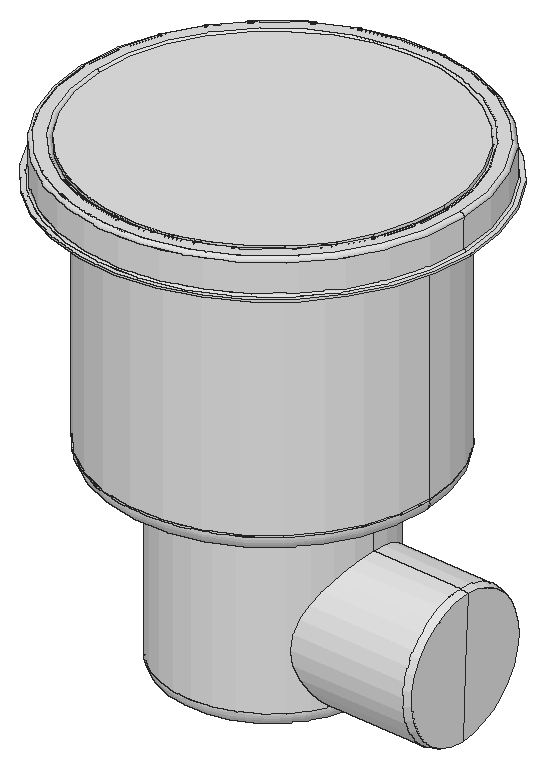
Revit family "Blucher_PlumbingFixture_HygienicPro_IndustrialDrain1", category Plumbing Fixtures, host Face, Revit 2017
Family settings
  Host = Face
  Round Connector Dimension = Use Diameter
  Part Type = Normal
  OmniClass Number = 23.70.50.21.24
  OmniClass Title = Waste Water Drains
  Cut with Voids When Loaded = No
  Shared = No
  Room Calculation Point = No
Parameters (values of type "FOR PRE-DEFINED TYPES PLEASE USE TYPE CATALOGUE")
  _BSBibleVersion = 15
  WaterTrap_562.102.000 = WT : 562.102.000
  WaterTrapProductCode [instance] = if(WaterTrapType = WaterTrap_562.102.000, "562.102.000", "n/a")  # "n/a"
  Waste Connection = yes
  W1 = 153 mm
  Vent Connection = no
  PressureDrop [instance] = 0.0 Pa
  OutletDiameter = if(DrainType = DrainType_755.503.160, 160 mm, if(DrainType = DrainType_755.513.160, 160 mm, if(DrainType = DrainType_755.573.160, 160 mm, 110 mm)))  # 110 mm
  HorizontalOutletLength = if(or(DrainType = DrainType_756.513.110, DrainType = DrainType_756.503.110, DrainType = DrainType_756.573.110), W1, HorizontalOutletHeight)  # 153 mm
  HorizontalOutletHeight = if(or(DrainType = DrainType_756.513.110, DrainType = DrainType_756.503.110, DrainType = DrainType_756.573.110), 58.3 mm, H)  # 58.3 mm
  _DistributedBy = "www.bimstore.co.uk"
  _CurrentRevision = 1
  _CreatedBy = "www.bimstore.co.uk"
  _BimSpecGuid = 0
  _Author = "Ian Holmes"
  WaterTrapType [instance] = WT : N/A
  WarrantyStartDate [instance] = "Please record on commissioning."
  WarrantyGuarantorParts = "mail@blucher.com"
  WarrantyGuarantorLabor = "n/a"
  WarrantyDurationUnit = "Years"
  WarrantyDurationParts = "n/a"
  WarrantyDurationLabor = "n/a"
  WarrantyDescription = "n/a"
  URL = "http://www.blucher.com/"
  TypeName = Type Comments  # "755.513.110"
  HW Connection = no
  H6 = 237 mm
  H1 = 323 mm
  H = 376 mm
  GratingType_790.273.000.60 = G : 790.273.000.60
  GratingType = G : 790.273.000.60
  GratingProductCode [instance] = if(GratingType = GratingType_790.273.000.60, "790.273.000.60", "n/a")  # "790.273.000.60"
  Flow_Sewer [instance] = 0.0 L/s
  Flow [instance] = 0.0 L/s
  FloorVoidOffset [instance] = 150 mm
  FilterBasket_780.004.030.05 = FB : 780.004.030.05
  FilterBasket_780.004.020.05 = FB : 780.004.020.05
  FilterBasket_780.004.010.05 = FB : 780.004.010.05
  Type Comments = "755.513.110"
  FilterBasketType = FB : N/A
  FilterBasketProductCode [instance] = if(FilterBasketType = FilterBasket_780.004.010.05, "780.004.010.05", if(FilterBasketType = FilterBasket_780.004.020.05, "780.004.020.05", if(FilterBasketType = FilterBasket_780.004.030.05, "780.004.030.05", "n/a")))  # "n/a"
  F = 305 mm
  DrainType_755.573.160 = VO : 755.573.160
  DrainType_755.513.160 = VO : 755.513.160
  DrainType_755.503.160 = VO : 755.503.160
  DrainProductCode = "790.273.000.60"
  DrainAngle [instance] = 0.00°
  DocumentationInstallationVideo = "http://www.blucher.com/com/technical/installation-video-channels-and-kitchen-channels/"
  Description = "Industrials drains for resin floors"
  SpareParts = "n/a"
  Size = "660"
  Shape = "Rectangular"
  SerialNumber [instance] = "Please record on commissioning."
  ReplacementCost = "n/a"
  ReferencedStandard = "EN1253"
  ProductionYear = "2018"
  NominalLength = F  # 305 mm
  NominalHeight = H  # 376 mm
  NominalDepth = F  # 305 mm
  NBSReference = "90-05-20/422"
  NBSOfficeMasterTag = "n/a"
  NBSObjectName = "BLÜCHER - Drainage channels with gratings"
  NBSNote = ""
  NBSDescription = "Drainage channels with gratings"
  ModelReference = Model  # "Hygienic Pro"
  ModelNumber [instance] = DrainProductCode  # "790.273.000.60"
  Model = "Hygienic Pro"
  Material = "Available in Stainless Steel AISI 304 & Stainless Steel AISI 316L"
  ManufacturerName = "BLÜCHER"
  Manufacturer = "BLÜCHER"
  DrainType = HO : 756.573.110
  Keynote = "R10"
  InstallationDate [instance] = "Please record on commissioning."
  IfcExportType = "IfcWasteTerminalTypeEnum.FLOORWASTE"
  IfcExportAs = "IfcFlowTerminal"
  HeightFromLevel = 0.1 mm  # constant formula
  Grade = "AISI 304/EN 1.4301 or AISI 316L/EN 1.4404"
  Finish = "2B - Pickled"
  Features = "n/a"
  ExpectedLife = 50
  DurationUnit = "Years"
  DocumentationTechnical = "https://www.bimstore.co/products/hygienic-pro/document/technical-data-sheet"
  DocumentationMaintenance = "https://www.bimstore.co/products/hygienic-pro/document/maintenance-information"
  DocumentationLiterature = "https://www.bimstore.co/products/hygienic-pro/document/product-literature"
  DocumentationInstallationGuide = "https://www.bimstore.co/products/hygienic-pro/document/installation-guide"
  DocumentationCertificates = "https://www.bimstore.co/products/hygienic-pro/document/product-certificates"
  Default Elevation = 0 mm
  D1 = 160 mm
  D = 110 mm
  CutoutVoidOffset [instance] = if(CutoutConcreteSlab, 0 mm, H + FloorVoidOffset + 200 mm)  # 726 mm
  CutoutThickess = 150 mm  # constant formula
  CutoutConcreteSlabHeight [instance] = H + FloorVoidOffset  # 526 mm
  CutoutConcreteSlab [instance] = no
  CreatedOn = "2018-09-19T00:00:00"
  CreatedBy = "mail@blucher.com"
  Constituents = "n/a"
  Concrete [instance] = Concrete, Sand/Cement Screed
  Color = "Stainless Steel"
  CodePerformance = "n/a"
  ClassificationValue = "Pr_65_52_24_24"
  ClassificationName = "Uniclass2015"
  CW Connection = no
  BaseVoidOffset [instance] = if(BaseConcreteSlab, 0 mm, H + FloorVoidOffset + 100 mm)  # 626 mm
  BaseConcreteSlab [instance] = no
  BarCode [instance] = "Please record on commissioning."
  BIMObjectName = "Blucher_PlumbingFixture_HygienicPro"
  AssetType = "Fixed"
  AssetIdentifier [instance] = "Please record on commissioning."
  Assembly Code = "D2030300"
  Angle2 [instance] = if(or(DrainType = DrainType_756.513.110, DrainType = DrainType_756.503.110, DrainType = DrainType_756.573.110), 2.00°, 90.00°)  # 2.00°
  AccessibilityPerformance = "n/a"
  DrainType_755.573.110 = VO : 755.573.110
  DrainType_755.503.110 = VO : 755.503.110
  DrainType_755.513.110 = VO : 755.513.110
  DrainType_756.573.110 = HO : 756.573.110
  DrainType_756.503.110 = HO : 756.503.110
  DrainType_756.513.110 = HO : 756.513.110
Reference planes
  plane 1 "Center (Front/Back)": y = 0
  plane 2: z = 0
  plane 3 "Center (Left/Right)": x = 0
  plane 4: x = -152.5
  plane 5: x = 152.5
  plane 6: y = -152.5
  plane 7: y = 152.5
  plane 8 "Top": z = 0.1
  plane 9 "Bottom": z = -375.9
  plane 10: z = 50.1
  plane 11 "HorizontalOutlet": z = -317.6
  plane 12: x = 0
  plane 13: z = -525.9
  plane 14: y = 302.5
  plane 15: y = -302.5
  plane 16: x = 302.5
  plane 17: x = -302.5
  plane 18: z = 726.1
  plane 19: z = 200.1
  plane 20: z = -575.9
  plane 21: z = 100.1
  plane 22: z = 50.1
  plane 23: z = 50.1
Forms (mm)
  Extrusion 1, void
    sketch origin (0, 0, 0) x (1, 0, 0) y (0, 1, 0)
      loop
        circle (0, 0) r 152.5
    from -525.9 to 50.1
  Extrusion 2, solid, material "Concrete, Sand/Cement Screed" <- "Concrete", visible <- "CutoutConcreteSlab"
    sketch origin (0, 0, 0) x (1, 0, 0) y (0, 1, 0)
      loop
        line (-302.5, 302.5) -> (-302.5, -302.5) -> (302.5, -302.5) -> (302.5, 302.5) -> (-302.5, 302.5)
      loop
        circle (0, 0) r 152.5
    from 200.1 to 726.1
  Extrusion 3, void
    sketch origin (0, 0, 0) x (1, 0, 0) y (0, 1, 0)
      loop
        line (-302.5, 302.5) -> (-302.5, -302.5) -> (302.5, -302.5) -> (302.5, 302.5) -> (-302.5, 302.5)
    from 200.1 to 726.1
  Extrusion 4, solid, material "Concrete, Sand/Cement Screed" <- "Concrete", visible <- "BaseConcreteSlab"
    sketch origin (0, 0, 0) x (1, 0, 0) y (0, 1, 0)
      loop
        line (-302.5, 302.5) -> (-302.5, -302.5) -> (302.5, -302.5) -> (302.5, 302.5) -> (-302.5, 302.5)
    from -575.9 to -525.9
  Extrusion 5, void
    sketch origin (0, 0, 0) x (1, 0, 0) y (0, 1, 0)
      loop
        line (-302.5, 302.5) -> (-302.5, -302.5) -> (302.5, -302.5) -> (302.5, 302.5) -> (-302.5, 302.5)
    from 50.1 to 100.1
Lines and regions (mm)
  reference lines
    curve 1: line (0, 0, -375.9) -> (590, 0, -375.9)
    curve 2: line (0, 0, -317.6) -> (705, 0, -317.6)
    curve 3: line (0, 0, -317.6) -> (152.907, 0, -322.94)
    curve 4: line (0, 0, -375.9) -> (0, 640, -375.9)
Dimensions and locks
  equal spacing: plane 6, plane 1 "Center (Front/Back)", plane 7
  "F": plane 7 to plane 6
  "F": plane 4 to plane 5
  "HeightFromLevel": plane 8 "Top" to plane 2
  "H": plane 8 "Top" to plane 9 "Bottom"
  locked: plane 10 to plane 8 "Top" at 50
  "HorizontalOutletHeight": plane 11 "HorizontalOutlet" to plane 9 "Bottom"
  "HorizontalOutletLength": curve 3 to curve 3
  equal spacing: plane 4, plane 12, plane 5
  equal spacing: plane 4, plane 3 "Center (Left/Right)", plane 5
  "FloorVoidOffset": plane 9 "Bottom" to plane 13
  "CutoutThickess": plane 14 to plane 7
  "CutoutThickess": plane 15 to plane 6
  "CutoutThickess": plane 5 to plane 16
  "CutoutThickess": plane 17 to plane 4
  "CutoutConcreteSlabHeight": plane 18 to plane 19
  locked: plane 13 to plane 20 at 50
  "CutoutVoidOffset": plane 19 to plane 13
  "BaseVoidOffset": plane 23 to plane 20
  locked: plane 21 to plane 23 at 50
  "F": diameter of Extrusion 1 sketch curve
  radius of Extrusion 2 sketch curve = 152.5 mm
  "DrainAngle": angle plane 1 "Center (Front/Back)" to curve 1
  "DrainAngle": angle plane 1 "Center (Front/Back)" to curve 2
  "Angle2": angle curve 3 to curve 2
  locked: curve 1 to curve 4 (angle 90.00°)
  aligned and locked: plane 2 to host face
  aligned and locked: level to host face
  aligned and locked: plane 1 "Center (Front/Back)" to nested 2
  aligned and locked: nested 2 to plane 3 "Center (Left/Right)"
  aligned and locked: plane 3 "Center (Left/Right)" to nested 3
  aligned and locked: plane 1 "Center (Front/Back)" to nested 3
  aligned and locked: plane 10 to Extrusion 1
  aligned and locked: plane 3 "Center (Left/Right)" to curve 1
  aligned and locked: plane 1 "Center (Front/Back)" to curve 1
  aligned and locked: plane 3 "Center (Left/Right)" to curve 2
  aligned and locked: plane 1 "Center (Front/Back)" to curve 2
  aligned and locked: curve 1 to nested 1
  aligned and locked: curve 4 to nested 1
  aligned and locked: plane 1 "Center (Front/Back)" to nested 4
  aligned and locked: plane 12 to nested 4
  aligned and locked: Extrusion 1 to plane 13
  aligned and locked: plane 1 "Center (Front/Back)" to Extrusion 1 sketch curve
  aligned and locked: plane 3 "Center (Left/Right)" to Extrusion 1 sketch curve
  aligned and locked: Extrusion 2 sketch curve to plane 16
  aligned and locked: Extrusion 2 sketch curve to plane 14
  aligned and locked: plane 15 to Extrusion 2 sketch curve
  aligned and locked: plane 17 to Extrusion 2 sketch curve
  aligned and locked: plane 18 to Extrusion 2
  aligned and locked: Extrusion 2 to plane 19
  aligned and locked: Extrusion 3 sketch curve to plane 14
  aligned and locked: Extrusion 3 sketch curve to plane 17
  aligned and locked: plane 15 to Extrusion 3 sketch curve
  aligned and locked: plane 16 to Extrusion 3 sketch curve
  aligned and locked: plane 18 to Extrusion 3
  aligned and locked: Extrusion 3 to plane 19
  aligned and locked: Extrusion 4 sketch curve to plane 14
  aligned and locked: plane 16 to Extrusion 4 sketch curve
  aligned and locked: plane 15 to Extrusion 4 sketch curve
  aligned and locked: Extrusion 4 sketch curve to plane 17
  aligned and locked: Extrusion 4 to plane 20
  aligned and locked: plane 13 to Extrusion 4
  aligned and locked: Extrusion 5 sketch curve to plane 14
  aligned and locked: plane 16 to Extrusion 5 sketch curve
  aligned and locked: plane 15 to Extrusion 5 sketch curve
  aligned and locked: Extrusion 5 sketch curve to plane 17
  aligned and locked: plane 21 to Extrusion 5
  aligned and locked: Extrusion 5 to plane 23
Automatic sketch dimensions
  host sketch curve to host sketch curve = 2438.4 mm  (x2)
  plane 1 "Center (Front/Back)" to Extrusion 2 sketch curve = 0 mm
  Extrusion 2 sketch curve to plane 3 "Center (Left/Right)" = 0 mm
  curve 3 to curve 2 = 0 mm  (x2)
Nested families
  nested 1: "HO" at (0, 0, -375.9) x (0, 1, 0) z (0, 0, 1), type <- "DrainType", type "756.573.110"
    with LowerPartMaterial Blucher_Stainless Steel
  nested 2: "WT" at (0, 0, -169.9) x (0, -1, 0) z (0, 0, 1), type <- "WaterTrapType", type "N/A"
    with WaterTrapMaterial Blucher_Stainless Steel
  nested 3: "FB" at (0, 0, -142.15), type <- "FilterBasketType", type "N/A"
    with FilterBasketMaterial Blucher_Stainless Steel
  nested 4: "G" at (0, 0, 0), type <- "GratingType", type "790.273.000.60"
    with WarrantyStartDate "Please record on commissioning.", SerialNumber "Please record on commissioning.", InstallationDate "Please record on commissioning.", BarCode "Please record on commissioning.", AssetIdentifier "Please record on commissioning."
Connectors
  piping at (152.907, 0, -322.94), diameter 110, driven by "Angle2", driven by "PressureDrop", driven by "Flow", driven by "OutletDiameter"
    settings: on curve 3, index 2, connector inside diameter 609.6 mm, connector length 0 mm, flow factor 0, pipe flow 0.0 L/s, pressure drop 0.0 Pa, fitting loss kfactor 0, connector angle 2.00°, fixture units 0, engagement length 0 mm, angle of deflection 0.00°, flow configuration 0, flow direction 2, fitting loss method 4, system type 16, joint type 0, gender type 0, connector reference index -1, connector utility 0, adjustable connector yes, is connector primary yes, connector description "Waste Outlet"
Definition of nested family "HO"
  Parameters (values of type "756.513.110")
    _DistributedBy = "www.bimstore.co.uk"
    _CurrentRevision = 1
    _CreatedBy = "www.bimstore.co.uk"
    _BimSpecGuid = 0
    _BSBibleVersion = 15
    _Author = "Ian Holmes"
    WarrantyStartDate [instance] = "Please record on commissioning."
    WarrantyGuarantorParts = "mail@blucher.com"
    WarrantyGuarantorLabor = "n/a"
    WarrantyDurationUnit = "Years"
    WarrantyDurationParts = "n/a"
    WarrantyDurationLabor = "n/a"
    WarrantyDescription = "n/a"
    W1 = 153 mm
    URL = "http://www.blucher.com/"
    TypeName = Type Comments  # "Industrial Drain Type 756.513.110"
    Type Comments = "Industrial Drain Type 756.513.110"
    SpareParts = "n/a"
    Size = "n/a"
    Shape = "Circular"
    SerialNumber [instance] = "Please record on commissioning."
    ReplacementCost = "n/a"
    ReferencedStandard = "EN 1253"
    ProductionYear = "2018"
    NominalLength = F  # 305 mm
    NominalHeight = H  # 196 mm
    NominalDepth = F  # 305 mm
    NBSReference = "90-05-20/422"
    NBSOfficeMasterTag = "n/a"
    NBSObjectName = "BLÜCHER Drainage channels with gratings"
    NBSNote = ""
    NBSDescription = "Drainage channels with gratings"
    ModelReference = Model  # "HygienicPro"
    ModelNumber = "756.513.110"
    Model = "HygienicPro"
    Material = "Available in Stainless Steel AISI 304 & Stainless Steel AISI 316L"
    ManufacturerName = Manufacturer  # "BLÜCHER"
    Manufacturer = "BLÜCHER"
    LowerPartMaterial [instance] = none
    Keynote = "R10"
    InstallationDate [instance] = "Please record on commissioning."
    IfcExportType = "IfcWasteTerminalTypeEnum.FLOORWASTE"
    IfcExportAs = "IfcFlowTerminal"
    H6 = 57 mm
    H1 = 143 mm
    H = 196 mm
    Grade = "AISI 304/EN 1.4301 or AISI 316L/EN 1.4404"
    Finish = "2B - Pickled"
    Features = "n/a"
    F = 305 mm
    ExpectedLife = 50
    DurationUnit = "Years"
    DocumentationTechnical = "http://www.blucher.com"
    DocumentationMaintenance = "http://www.blucher.com"
    DocumentationLiterature = "http://www.blucher.com"
    DocumentationInstallationGuide = "http://www.blucher.com/com/technical/installation-instructions/"
    DocumentationCertificates = "n/a"
    Description = "Industrial Drain, with outlet Ø110mm"
    Default Elevation = 1219.2 mm
    D1 = 160 mm
    D = 110 mm
    CreatedOn = "2018-12-10T00:00:00"
    CreatedBy = "mail@blucher.com"
    Constituents = "n/a"
    Color = "Stainless Steel"
    CodePerformance = "n/a"
    ClassificationValue = "Pr_65_52_24_24"
    ClassificationName = "Uniclass2015"
    BarCode [instance] = "Please record on commissioning."
    BIMObjectName = "LowerPart_755.513.110"
    AssetType = "Fixed"
    AssetIdentifier [instance] = "Please record on commissioning."
    Assembly Code = "D2030300"
    AccessibilityPerformance = "n/a"
  Types (3, lengths in mm): name | TypeName | Type Comments | NominalHeight | ModelNumber | H6 | H1 | H | BIMObjectName
    756.513.110 | "Industrial Drain Type 756.513.110" | "Industrial Drain Type 756.513.110" | 196 | "756.513.110" | 57 | 143 | 196 | "LowerPart_755.513.110"
    756.503.110 | "Industrial Drain Type 756.503.110" | "Industrial Drain Type 756.503.110" | 299 | "756.503.110" | 160 | 246 | 299 | "Blucher_PlumbingFixture_HygienicPro"
    756.573.110 | "Industrial Drain Type 756.573.110" | "Industrial Drain Type 756.573.110" | 376 | "756.573.110" | 237 | 323 | 376 | "LowerPart_755.513.110"
  Reference planes
    plane 1 "Center (Front/Back)": y = 0
    plane 2: z = 0
    plane 3 "Center (Left/Right)": x = 0
    plane 4: z = 196
    plane 5: z = 139
    plane 6: z = 53
    plane 7: y = 152.5
    plane 8: y = -152.5
    plane 9: z = 163.519
    plane 10: z = 162
    plane 11: y = 125
    plane 12: y = -125
    plane 13: y = -153
  Forms (mm)
    Extrusion 1, solid
      sketch origin (0, 0, 0) x (1, 0, 0) y (0, 1, 0)
        loop
          line (-1219.2, 1219.2) -> (-1219.2, -1219.2) -> (1219.2, -1219.2) -> (1219.2, 1219.2) -> (-1219.2, 1219.2)
      from 0 to -304.8
    Sweep 2, solid, material <- "LowerPartMaterial"
      path origin (0, 390.703, 196) x (0, 1, 0) y (-1, 0, 0)
        loop
          circle (-390.703, 0) r 152.5
      profile origin (0, 152.5, 196) x (0, -1, 0) y (0, 0, 1)
        loop
          line (0.259, -3) -> (0.259, -25)
          arc (0.259, -25) -> (-0.181, -26.061) -> (-1.241, -26.5) r 1.5
          line (-1.241, -26.5) -> (-4.762, -26.5) -> (-4.762, -28) -> (-1.241, -28)
          arc (-1.241, -28) -> (0.88, -27.121) -> (1.759, -25) r 3
          line (1.759, -25) -> (1.759, -3)
          arc (1.759, -3) -> (2.198, -1.939) -> (3.259, -1.5) r 1.5
          line (3.259, -1.5) -> (12.247, -1.5)
          arc (12.247, -1.5) -> (13.308, -1.939) -> (13.747, -3) r 1.5
          line (13.747, -3) -> (13.747, -24.516)
          arc (13.747, -24.516) -> (14.621, -26.626) -> (16.731, -27.5) r 2.984
          line (16.731, -27.5) -> (26, -27.5)
          arc (26, -27.5) -> (27.061, -27.939) -> (27.5, -29) r 1.5
          line (27.5, -29) -> (27.5, -34) -> (28.994, -34) -> (28.994, -29)
          arc (28.994, -29) -> (28.115, -26.879) -> (25.994, -26) r 3
          line (25.994, -26) -> (16.731, -26)
          arc (16.731, -26) -> (15.682, -25.565) -> (15.247, -24.516) r 1.484
          line (15.247, -24.516) -> (15.247, -3)
          arc (15.247, -3) -> (14.368, -0.879) -> (12.247, 0) r 3
          line (12.247, 0) -> (3.259, 0)
          arc (3.259, 0) -> (1.137, -0.879) -> (0.259, -3) r 3
    Sweep 3, solid, material <- "LowerPartMaterial"
      path origin (0, 381.551, 139) x (0, 1, 0) y (-1, 0, 0)
        loop
          circle (-381.551, 0) r 152.5
      profile origin (0, 152.5, 139) x (0, -1, 0) y (0, 0, 1)
        loop
          line (152.367, 24.519) -> (27.5, 24.519) -> (27.5, 23.261)
          arc (27.5, 23.261) -> (29.792, 16.208) -> (35.792, 11.849) r 12
          line (35.792, 11.849) -> (70.98, 0.415)
          arc (70.98, 0.415) -> (71.984, -0.314) -> (72.367, -1.494) r 2.008
          line (72.367, -1.494) -> (72.367, -127.5)
          arc (72.367, -127.5) -> (75.736, -135.632) -> (83.867, -139) r 11.5
          line (83.867, -139) -> (152.367, -139) -> (152.367, 24.519)
    Revolve 4, solid, material <- "LowerPartMaterial"
      sketch origin (0, 0, 0) x (0, 1, 0) y (0, 0, 1)
        loop
          line (0, 162) -> (125, 162) -> (125, 163.519) -> (0, 163.519) -> (0, 162)
        axis (0, 163.519) -> (0, 162)
      angle from 0 to 360
    Revolve 5, solid, material <- "LowerPartMaterial"
      sketch origin (0, 0, 0) x (0, -1, 0) y (0, 0, -1)
        loop
          line (47.06, -111.733) -> (149.266, -108.164) -> (154.851, -106.02) -> (153, -53) -> (45.14, -56.767) -> (47.06, -111.733)
        axis (153, -53) -> (45.14, -56.767)
      angle from 0 to 360
  Cuts and joins
    joined: Sweep 3, Revolve 5
  Dimensions and locks
    "H": plane 4 to plane 2
    "H6": plane 4 to plane 5
    "H1": plane 4 to plane 6
    equal spacing: plane 7, plane 1 "Center (Front/Back)", plane 8
    "F": plane 7 to plane 8
    locked: plane 4 to plane 10 at 34
    locked: plane 9 to plane 5 at 24.519
    locked: plane 7 to plane 11 at 27.5
    locked: plane 8 to plane 12 at 27.5
    locked: plane 1 "Center (Front/Back)" to plane 13 at 153
    "F": diameter of Sweep 2 sketch curve
    "F": diameter of Sweep 3 sketch curve
    aligned and locked: plane 2 to Extrusion 1
    aligned and locked: level to Extrusion 1
    aligned and locked: plane 1 "Center (Front/Back)" to Sweep 2 sketch curve
    aligned and locked: plane 3 "Center (Left/Right)" to Sweep 2 sketch curve
    aligned and locked: plane 1 "Center (Front/Back)" to Sweep 3 sketch curve
    aligned and locked: plane 3 "Center (Left/Right)" to Sweep 3 sketch curve
    aligned and locked: plane 1 "Center (Front/Back)" to Revolve 4 sketch curve
    aligned and locked: plane 10 to Revolve 4 sketch curve
    aligned and locked: plane 9 to Revolve 4 sketch curve
    aligned and locked: Revolve 4 sketch curve to plane 1 "Center (Front/Back)"
    aligned and locked: plane 11 to Revolve 4 sketch curve
  Automatic sketch dimensions
    Extrusion 1 sketch curve to Extrusion 1 sketch curve = 2438.4 mm  (x2)
    Sweep 2 sketch curve to Sweep 2 sketch curve = 0 mm  (x8)
    Sweep 2 sketch curve to plane 4 = 0 mm
    profile plane to Sweep 2 sketch curve = 4.762 mm
    profile plane to Sweep 2 sketch curve = 1.241 mm
    Sweep 2 sketch curve to profile plane = 0.259 mm
    Sweep 2 sketch curve to Sweep 2 sketch curve = 1.5 mm  (x4)
    Sweep 2 sketch curve to Sweep 2 sketch curve = 8.988 mm
    Sweep 2 sketch curve to Sweep 2 sketch curve = 1.484 mm
    Sweep 2 sketch curve to Sweep 2 sketch curve = 9.263 mm
    Sweep 2 sketch curve to Sweep 2 sketch curve = 0.006 mm
    Sweep 2 sketch curve to Sweep 2 sketch curve = 1.494 mm
    Sweep 2 sketch curve to Sweep 2 sketch curve = 21.516 mm
    Sweep 2 sketch curve to Sweep 2 sketch curve = 0.484 mm
    Sweep 2 sketch curve to Sweep 2 sketch curve = 5 mm
    Sweep 3 sketch curve to profile plane = 27.5 mm
    plane 5 to Sweep 3 sketch curve = 11.849 mm
    Sweep 3 sketch curve to Sweep 3 sketch curve = 8.292 mm
    Sweep 3 sketch curve to Sweep 3 sketch curve = 12 mm
    Sweep 3 sketch curve to plane 5 = 1.494 mm
    Sweep 3 sketch curve to Sweep 3 sketch curve = 34.567 mm
    plane 5 to Sweep 3 sketch curve = 0.415 mm
    Sweep 3 sketch curve to Sweep 3 sketch curve = 0.62 mm
    Sweep 3 sketch curve to Sweep 3 sketch curve = 11.5 mm
    Sweep 3 sketch curve to Sweep 3 sketch curve = 68.5 mm
    Sweep 3 sketch curve to Sweep 3 sketch curve = 126.006 mm
    Sweep 3 sketch curve to Sweep 3 sketch curve = 1.258 mm
    plane 4 to Revolve 4 sketch curve = 146 mm
    Revolve 4 sketch curve to Revolve 4 sketch curve = 40 mm
    plane 6 to Revolve 5 sketch curve = 3.767 mm
    plane 1 "Center (Front/Back)" to Revolve 5 sketch curve = 45.14 mm
    Revolve 5 sketch curve to plane 5 = 27.267 mm
    plane 1 "Center (Front/Back)" to Revolve 5 sketch curve = 47.06 mm
    Revolve 5 sketch curve to plane 6 = 0 mm
    Revolve 5 sketch curve to plane 8 = 2.351 mm
    plane 6 to Revolve 5 sketch curve = 3.608 mm
    Revolve 5 sketch curve to Revolve 5 sketch curve = 4.553 mm
    plane 6 to Revolve 5 sketch curve = 2.91 mm
    Revolve 5 sketch curve to Revolve 5 sketch curve = 19.988 mm
    plane 8 to Revolve 5 sketch curve = 3.234 mm
Definition of nested family "G"
  Parameters (values of type "790.273.000.60")
    _BSBibleVersion = 15
    Visable = yes
    NotVisable = not(Visable)  # no
    _DistributedBy = "www.bimstore.co.uk"
    _CurrentRevision = 1
    _CreatedBy = "www.bimstore.co.uk"
    _BimSpecGuid = 0
    _Author = "Ian Holmes"
    Width = ChannelWidth  # 273 mm
    WarrantyStartDate [instance] = "Please record on commissioning."
    WarrantyGuarantorParts = "mail@blucher.com"
    WarrantyGuarantorLabor = "n/a"
    WarrantyDurationUnit = "Years"
    WarrantyDurationParts = "n/a"
    WarrantyDurationLabor = "n/a"
    WarrantyDescription = "n/a"
    URL = "http://www.blucher.com/"
    TypeName = Type Comments  # "Grating_790.273.000.60"
    Type Comments = "Grating_790.273.000.60"
    SpareParts = "n/a"
    Size = "273mm"
    Shape = "Circle"
    SerialNumber [instance] = "Please record on commissioning."
    ReplacementCost = "n/a"
    ReferencedStandard = "EN1253"
    ProductionYear = "2018"
    NominalLength = Width  # 273 mm
    NominalHeight = Depth  # 24 mm
    NominalDepth = Height  # 273 mm
    NBSReference = "90-05-20/422"
    NBSOfficeMasterTag = "n/a"
    NBSObjectName = "BLÜCHER Drainage channels with gratings"
    NBSNote = ""
    NBSDescription = "Drainage channels with gratings"
    ModelReference = Model  # "BLÜCHER Grating"
    ModelNumber = Type Comments  # "Grating_790.273.000.60"
    Model = "BLÜCHER Grating"
    Material = "Available in Stainless Steel AISI 304 & Stainless Steel AISI 316L"
    ManufacturerName = "BLÜCHER"
    Manufacturer = "BLÜCHER"
    Keynote = "R10"
    InstallationDate [instance] = "Please record on commissioning."
    IfcExportType = "IfcWasteTerminalTypeEnum.FLOORWASTE"
    IfcExportAs = "IfcFlowTerminal"
    Height = ChannelHeight  # 273 mm
    GratingMaterial = none
    Grade = "AISI 304/EN 1.4301 or AISI 316L/EN 1.4404"
    Finish = "2B - Pickled"
    Features = "n/a"
    ExpectedLife = 50
    DurationUnit = "Years"
    DocumentationTechnical = "http://www.blucher.com"
    DocumentationMaintenance = "http://www.blucher.com"
    DocumentationLiterature = "http://www.blucher.com"
    DocumentationInstallationGuide = "http://www.blucher.com/com/technical/installation-instructions/"
    DocumentationCertificates = "n/a"
    Description = "Grating 293x293mm"
    Depth = 24 mm  # constant formula
    Default Elevation = 1219.2 mm
    ChannelWidth = 273 mm  # constant formula
    ChannelHeight = 273 mm  # constant formula
    CreatedOn = "2018-12-10T00:00:00"
    CreatedBy = "mail@blucher.com"
    Constituents = "n/a"
    Color = "Stainless Steel"
    CodePerformance = "n/a"
    ClassificationValue = "Pr_65_52_24_24"
    ClassificationName = "Uniclass2015"
    BarCode [instance] = "Please record on commissioning."
    BIMObjectName = "Blucher_PlumbingFixture_HygienicPro"
    AssetType = "Fixed"
    AssetIdentifier [instance] = "Please record on commissioning."
    Assembly Code = "D2030300"
    AccessibilityPerformance = "n/a"
  Types (2, lengths in mm): name | Visable | NotVisable | _DistributedBy | _CurrentRevision | _CreatedBy | _Author | WarrantyStartDate | WarrantyGuarantorParts | WarrantyDurationUnit | URL | TypeName | Type Comments | Size | Shape | SerialNumber | ReferencedStandard | ProductionYear | NBSReference | NBSObjectName | NBSDescription | ModelReference | ModelNumber | Model | Material | ManufacturerName | Manufacturer | Keynote | InstallationDate | IfcExportType | IfcExportAs | Grade | Finish | ExpectedLife | DurationUnit | DocumentationTechnical | DocumentationMaintenance | DocumentationLiterature | DocumentationInstallationGuide | Description | CreatedOn | CreatedBy | Color | ClassificationValue | ClassificationName | BarCode | BIMObjectName | AssetType | AssetIdentifier | Assembly Code
    N/A | no | yes | "n/a" | 0 | "n/a" | "n/a" | "n/a" | "n/a" | "n/a" | "n/a" | "n/a" | "n/a" | "n/a" | "n/a" | "n/a" | "n/a" | "n/a" | "n/a" | "n/a" | "n/a" | "n/a" | "n/a" | "n/a" | "n/a" | "n/a" | "n/a" | "n/a" | "n/a" | "n/a" | "n/a" | "n/a" | "n/a" | 0 | "n/a" | "n/a" | "n/a" | "n/a" | "n/a" | "n/a" | "n/a" | "n/a" | "n/a" | "n/a" | "n/a" | "n/a" | "n/a" | "n/a" | "n/a" | "n/a"
    790.273.000.60 | yes | no | "www.bimstore.co.uk" | 1 | "www.bimstore.co.uk" | "Ian Holmes" | "Please record on commissioning." | "mail@blucher.com" | "Years" | "http://www.blucher.com/" | "Grating_790.273.000.60" | "Grating_790.273.000.60" | "273mm" | "Circle" | "Please record on commissioning." | "EN1253" | "2018" | "90-05-20/422" | "BLÜCHER Drainage channels with gratings" | "Drainage channels with gratings" | "BLÜCHER Grating" | "Grating_790.273.000.60" | "BLÜCHER Grating" | "Available in Stainless Steel AISI 304 & Stainless Steel AISI 316L" | "BLÜCHER" | "BLÜCHER" | "R10" | "Please record on commissioning." | "IfcWasteTerminalTypeEnum.FLOORWASTE" | "IfcFlowTerminal" | "AISI 304/EN 1.4301 or AISI 316L/EN 1.4404" | "2B - Pickled" | 50 | "Years" | "http://www.blucher.com" | "http://www.blucher.com" | "http://www.blucher.com" | "http://www.blucher.com/com/technical/installation-instructions/" | "Grating 293x293mm" | "2018-12-10T00:00:00" | "mail@blucher.com" | "Stainless Steel" | "Pr_65_52_24_24" | "Uniclass2015" | "Please record on commissioning." | "Blucher_PlumbingFixture_HygienicPro" | "Fixed" | "Please record on commissioning." | "D2030300"
  Reference planes
    plane 1 "Center (Front/Back)": y = 0
    plane 2: z = 0
    plane 3 "Center (Left/Right)": x = 0
    plane 4: z = -25
    plane 5: z = 0
    plane 6: z = -10
    plane 7: y = 136.5
    plane 8: y = -136.5
    plane 9: x = 136.5
    plane 10: x = -136.5
    plane 11: z = -1
    plane 12: z = 44
  Forms (mm)
    Extrusion 1, solid
      sketch origin (0, 0, 0) x (1, 0, 0) y (0, 1, 0)
        loop
          line (-1219.2, 1219.2) -> (-1219.2, -1219.2) -> (1219.2, -1219.2) -> (1219.2, 1219.2) -> (-1219.2, 1219.2)
      from 0 to -304.8
    Extrusion 2, solid, material <- "GratingMaterial", visible <- "Visable"
      sketch origin (0, 0, 0) x (1, 0, 0) y (0, 1, 0)
        loop
          circle (0, 0) r 136.5
      from 0 to -25
  Lines and regions (mm)
    model lines, visible <- "Visable"
      curve 1: line (5, 136.408, 0) -> (5, 92.924, 0)
      curve 2: line (8.071, 5, 0) -> (98.043, 94.972, 0)
      curve 3: line (5, 8.071, 0) -> (94.972, 98.043, 0)
      curve 4: line (5, 44.355, 0) -> (74.815, 114.171, 0)
      curve 5: line (5, 50.497, 0) -> (71.052, 116.55, 0)
      curve 6: line (5, 86.782, 0) -> (46.539, 128.321, 0)
      curve 7: line (5, 92.924, 0) -> (41.965, 129.889, 0)
      curve 8: line (5, 86.782, 0) -> (5, 50.497, 0)
      curve 9: line (5, 44.355, 0) -> (5, 8.071, 0)
      curve 10: line (44.355, 5, 0) -> (114.171, 74.815, 0)
      curve 11: line (50.497, 5, 0) -> (116.55, 71.052, 0)
      curve 12: line (86.782, 5, 0) -> (128.321, 46.539, 0)
      curve 13: line (92.924, 5, 0) -> (129.889, 41.965, 0)
      curve 14: line (136.408, 5, 0) -> (92.924, 5, 0)
      curve 15: line (86.782, 5, 0) -> (50.497, 5, 0)
      curve 16: line (44.355, 5, 0) -> (8.071, 5, 0)
      curve 17: line (-5, 136.408, 0) -> (-5, 92.924, 0)
      curve 18: line (-8.071, 5, 0) -> (-98.043, 94.972, 0)
      curve 19: line (-5, 8.071, 0) -> (-94.972, 98.043, 0)
      curve 20: line (-5, 44.355, 0) -> (-74.815, 114.171, 0)
      curve 21: line (-5, 50.497, 0) -> (-71.052, 116.55, 0)
      curve 22: line (-5, 86.782, 0) -> (-46.539, 128.321, 0)
      curve 23: line (-5, 92.924, 0) -> (-41.965, 129.889, 0)
      curve 24: line (-5, 86.782, 0) -> (-5, 50.497, 0)
      curve 25: line (-5, 44.355, 0) -> (-5, 8.071, 0)
      curve 26: line (-44.355, 5, 0) -> (-114.171, 74.815, 0)
      curve 27: line (-50.497, 5, 0) -> (-116.55, 71.052, 0)
      curve 28: line (-86.782, 5, 0) -> (-128.321, 46.539, 0)
      curve 29: line (-92.924, 5, 0) -> (-129.889, 41.965, 0)
      curve 30: line (-136.5, 5, 0) -> (-92.924, 5, 0)
      curve 31: line (-86.782, 5, 0) -> (-50.497, 5, 0)
      curve 32: line (-44.355, 5, 0) -> (-8.071, 5, 0)
      curve 33: line (5, -136.408, 0) -> (5, -92.924, 0)
      curve 34: line (8.071, -5, 0) -> (98.043, -94.972, 0)
      curve 35: line (5, -8.071, 0) -> (94.972, -98.043, 0)
      curve 36: line (5, -44.355, 0) -> (74.815, -114.171, 0)
      curve 37: line (5, -50.497, 0) -> (71.052, -116.55, 0)
      curve 38: line (5, -86.782, 0) -> (46.539, -128.321, 0)
      curve 39: line (5, -92.924, 0) -> (41.965, -129.889, 0)
      curve 40: line (5, -86.782, 0) -> (5, -50.497, 0)
      curve 41: line (5, -44.355, 0) -> (5, -8.071, 0)
      curve 42: line (44.355, -5, 0) -> (114.171, -74.815, 0)
      curve 43: line (50.497, -5, 0) -> (116.55, -71.052, 0)
      curve 44: line (86.782, -5, 0) -> (128.321, -46.539, 0)
      curve 45: line (92.924, -5, 0) -> (129.889, -41.965, 0)
      curve 46: line (136.408, -5, 0) -> (92.924, -5, 0)
      curve 47: line (86.782, -5, 0) -> (50.497, -5, 0)
      curve 48: line (44.355, -5, 0) -> (8.071, -5, 0)
      curve 49: line (-5, -136.408, 0) -> (-5, -92.924, 0)
      curve 50: line (-8.071, -5, 0) -> (-98.043, -94.972, 0)
      curve 51: line (-5, -8.071, 0) -> (-94.972, -98.043, 0)
      curve 52: line (-5, -44.355, 0) -> (-74.815, -114.171, 0)
      curve 53: line (-5, -50.497, 0) -> (-71.052, -116.55, 0)
      curve 54: line (-5, -86.782, 0) -> (-46.539, -128.321, 0)
      curve 55: line (-5, -92.924, 0) -> (-41.965, -129.889, 0)
      curve 56: line (-5, -86.782, 0) -> (-5, -50.497, 0)
      curve 57: line (-5, -44.355, 0) -> (-5, -8.071, 0)
      curve 58: line (-44.355, -5, 0) -> (-114.171, -74.815, 0)
      curve 59: line (-50.497, -5, 0) -> (-116.55, -71.052, 0)
      curve 60: line (-82.782, -5, 0) -> (-127.229, -49.447, 0)
      curve 61: line (-92.924, -5, 0) -> (-129.889, -41.965, 0)
      curve 62: line (-136.5, -5, 0) -> (-92.924, -5, 0)
      curve 63: line (-82.782, -5, 0) -> (-50.497, -5, 0)
      curve 64: line (-44.355, -5, 0) -> (-8.071, -5, 0)
  Dimensions and locks
    equal spacing: plane 8, plane 1 "Center (Front/Back)", plane 7
    "Height": plane 7 to plane 8
    equal spacing: plane 10, plane 3 "Center (Left/Right)", plane 9
    "Width": plane 10 to plane 9
    "Depth": plane 11 to plane 4
    plane 12 to plane 11 = 45 mm
    "ChannelWidth": diameter of Extrusion 2 sketch curve
    aligned and locked: plane 2 to Extrusion 1
    aligned and locked: level to Extrusion 1
    aligned and locked: plane 1 "Center (Front/Back)" to Extrusion 2 sketch curve
    aligned and locked: plane 3 "Center (Left/Right)" to Extrusion 2 sketch curve
  Automatic sketch dimensions
    Extrusion 1 sketch curve to Extrusion 1 sketch curve = 2438.4 mm  (x2)
    curve 62 to plane 10 = 0 mm
    curve 30 to plane 10 = 0 mm
    curve 33 to plane 8 = 0.092 mm
    curve 29 to plane 10 = 6.611 mm
    curve 61 to plane 10 = 6.611 mm
    curve 29 to curve 28 = 1.568 mm
    curve 61 to curve 60 = 2.66 mm
    curve 27 to plane 10 = 19.95 mm
    curve 59 to plane 10 = 19.95 mm
    curve 59 to curve 58 = 2.379 mm
    curve 27 to curve 26 = 2.379 mm
    curve 58 to curve 50 = 16.127 mm
    curve 26 to curve 18 = 16.127 mm
    curve 50 to curve 51 = 3.071 mm
    curve 18 to curve 19 = 3.071 mm  (x2)
    plane 1 "Center (Front/Back)" to curve 62 = 5 mm
    curve 62 to plane 10 = 43.576 mm
    curve 29 to plane 1 "Center (Front/Back)" = 5 mm
    curve 29 to curve 62 = 0 mm
    curve 30 to curve 31 = 6.142 mm
    curve 28 to plane 1 "Center (Front/Back)" = 5 mm
    plane 1 "Center (Front/Back)" to curve 63 = 5 mm
    curve 62 to curve 63 = 10.142 mm
    curve 52 to plane 8 = 22.329 mm
    curve 51 to curve 52 = 20.157 mm
    curve 20 to plane 7 = 22.329 mm
    curve 19 to curve 20 = 20.157 mm
    curve 53 to plane 8 = 19.95 mm
    curve 52 to curve 53 = 3.763 mm
    curve 21 to plane 7 = 19.95 mm
    curve 20 to curve 21 = 3.763 mm
    curve 60 to curve 31 = 32.284 mm
    curve 63 to curve 31 = 0 mm
    curve 22 to plane 7 = 8.179 mm
    curve 21 to curve 22 = 24.513 mm
    curve 54 to plane 8 = 8.179 mm
    curve 53 to curve 54 = 24.513 mm
    curve 63 to curve 64 = 6.142 mm
    plane 1 "Center (Front/Back)" to curve 58 = 5 mm
    curve 31 to curve 26 = 6.142 mm
    curve 23 to plane 7 = 6.611 mm
    curve 22 to curve 23 = 4.574 mm
    curve 55 to plane 8 = 6.611 mm
    curve 54 to curve 55 = 4.574 mm
    curve 50 to plane 3 "Center (Left/Right)" = 8.071 mm
    curve 18 to plane 3 "Center (Left/Right)" = 8.071 mm
    curve 21 to plane 3 "Center (Left/Right)" = 5 mm
    curve 23 to plane 3 "Center (Left/Right)" = 5 mm
    curve 20 to plane 3 "Center (Left/Right)" = 5 mm
    curve 55 to plane 3 "Center (Left/Right)" = 5 mm
    curve 56 to plane 3 "Center (Left/Right)" = 5 mm
    curve 57 to plane 3 "Center (Left/Right)" = 5 mm
    plane 3 "Center (Left/Right)" to curve 33 = 5 mm
    plane 3 "Center (Left/Right)" to curve 9 = 5 mm
    plane 3 "Center (Left/Right)" to curve 8 = 5 mm
    plane 3 "Center (Left/Right)" to curve 35 = 5 mm
    plane 3 "Center (Left/Right)" to curve 7 = 5 mm
    plane 3 "Center (Left/Right)" to curve 37 = 5 mm
    curve 3 to curve 2 = 3.071 mm  (x2)
    curve 35 to curve 34 = 3.071 mm  (x3)
    curve 7 to plane 7 = 6.611 mm
    curve 1 to curve 7 = 36.965 mm
    curve 39 to plane 8 = 6.611 mm
    curve 33 to curve 39 = 36.965 mm
    plane 1 "Center (Front/Back)" to curve 42 = 5 mm
    curve 34 to curve 42 = 36.284 mm
    curve 16 to curve 42 = 0 mm
    curve 10 to plane 1 "Center (Front/Back)" = 5 mm
    curve 38 to plane 8 = 8.179 mm
    curve 39 to curve 38 = 4.574 mm
    curve 6 to plane 7 = 8.179 mm
    curve 7 to curve 6 = 4.574 mm
    curve 10 to curve 15 = 6.142 mm
    curve 42 to curve 47 = 6.142 mm
    curve 5 to plane 7 = 19.95 mm
    curve 6 to curve 5 = 24.513 mm
    curve 37 to plane 8 = 19.95 mm
    curve 38 to curve 37 = 24.513 mm
    curve 4 to plane 7 = 22.329 mm
    curve 5 to curve 4 = 3.763 mm
    curve 36 to plane 8 = 22.329 mm
    curve 37 to curve 36 = 3.763 mm
    plane 1 "Center (Front/Back)" to curve 47 = 5 mm
    curve 43 to curve 47 = 36.284 mm
    curve 12 to plane 1 "Center (Front/Back)" = 5 mm
    curve 12 to curve 44 = 0 mm
    plane 1 "Center (Front/Back)" to curve 45 = 5 mm
    curve 44 to curve 45 = 6.142 mm
    curve 13 to plane 1 "Center (Front/Back)" = 5 mm
    curve 15 to curve 13 = 6.142 mm
    curve 36 to curve 35 = 20.157 mm
    curve 4 to curve 3 = 20.157 mm
    curve 42 to plane 9 = 22.329 mm
    curve 10 to plane 9 = 22.329 mm
    curve 10 to curve 11 = 2.379 mm
    curve 42 to curve 43 = 2.379 mm
    curve 44 to plane 9 = 8.179 mm
    curve 12 to plane 9 = 8.179 mm
    curve 44 to curve 45 = 1.568 mm
    curve 12 to curve 13 = 1.568 mm
    curve 46 to plane 9 = 0.092 mm
    curve 14 to plane 9 = 0.092 mm
    curve 49 to plane 8 = 0.092 mm
    curve 52 to curve 51 = 16.127 mm
    curve 36 to curve 35 = 16.127 mm
    curve 51 to curve 50 = 3.071 mm  (x2)
    curve 33 to curve 39 = 43.485 mm
    curve 55 to curve 39 = 0 mm
    curve 39 to curve 38 = 6.142 mm
    curve 55 to curve 54 = 6.142 mm
    curve 50 to curve 58 = 20.157 mm
    curve 34 to curve 42 = 20.157 mm
    curve 58 to curve 59 = 3.763 mm
    curve 42 to curve 43 = 3.763 mm
    curve 54 to curve 56 = 36.284 mm
    curve 53 to curve 37 = 0 mm
    curve 59 to curve 60 = 21.605 mm
    curve 43 to curve 44 = 24.513 mm
    curve 53 to curve 57 = 6.142 mm
    curve 37 to curve 41 = 6.142 mm
    curve 44 to curve 45 = 4.574 mm
    curve 60 to curve 61 = 7.482 mm
    plane 1 "Center (Front/Back)" to curve 35 = 8.071 mm
    curve 32 to plane 1 "Center (Front/Back)" = 5 mm
    curve 2 to curve 3 = 3.071 mm  (x2)
    curve 32 to curve 25 = 3.071 mm
    curve 30 to curve 29 = 36.965 mm
    curve 14 to curve 13 = 36.965 mm
    curve 25 to curve 20 = 36.284 mm
    curve 20 to curve 9 = 0 mm
    curve 29 to curve 28 = 4.574 mm
    curve 13 to curve 12 = 4.574 mm
    curve 20 to curve 21 = 6.142 mm
    curve 4 to curve 8 = 6.142 mm
    curve 28 to curve 27 = 24.513 mm
    curve 12 to curve 11 = 24.513 mm
    curve 27 to curve 26 = 3.763 mm
    curve 11 to curve 10 = 3.763 mm
    curve 21 to curve 24 = 36.284 mm
    curve 24 to curve 6 = 0 mm
    curve 22 to curve 17 = 6.142 mm
    curve 6 to curve 7 = 6.142 mm
    curve 10 to curve 2 = 20.157 mm
    curve 26 to curve 18 = 20.157 mm
    curve 1 to plane 7 = 0.092 mm
    curve 17 to plane 7 = 0.092 mm
Definition of nested family "WT"
  Parameters (values of type "502.050.110 - 110")
    _DistributedBy = "www.bimstore.co.uk"
    _CurrentRevision = 1
    _CreatedBy = "www.bimstore.co.uk"
    _BimstoreBibleVersion = "v14"
    _BimSpecGuid = 0
    _Author = "Ian Holmes"
    WaterTrapMaterial [instance] = none
    WarrantyStartDate [instance] = "Please record on commissioning."
    WarrantyGuarantorParts = "mail@blucher.com"
    WarrantyGuarantorLabor = "n/a"
    WarrantyDurationUnit = "Years"
    WarrantyDurationParts = "n/a"
    WarrantyDurationLabor = "n/a"
    WarrantyDescription = "n/a"
    URL = "http://www.blucher.com/"
    TypeName = Type Comments  # "Water Traps - 502.050.110"
    Type Comments = "Water Traps - 502.050.110"
    SpareParts = "n/a"
    Size = "n/a"
    Shape = "Circular"
    SerialNumber [instance] = "Please record on commissioning."
    ReplacementCost = "n/a"
    ReferencedStandard = "EN1253"
    ProductionYear = "2016"
    NominalLength = 0 mm
    NominalHeight = 0 mm
    NominalDepth = 0 mm
    NBSReference = "90-05-20/422"
    NBSOfficeMasterTag = "n/a"
    NBSObjectName = "BLÜCHER Drainage channels with gratings"
    NBSNote = ""
    NBSDescription = "Drainage channels with gratings"
    ModelReference = "BLÜCHER Water Traps"
    ModelNumber = "502.050.110"
    Model = "BLÜCHER Water Traps"
    Material = "Available in Stainless Steel AISI 304 & Stainless Steel AISI 316L"
    ManufacturerName = Manufacturer  # "BLÜCHER"
    Manufacturer = "BLÜCHER"
    Keynote = "R10"
    InstallationDate [instance] = "Please record on commissioning."
    IfcExportType = "IfcWasteTerminalTypeEnum.FLOORWASTE"
    IfcExportAs = "IfcFlowTerminal"
    Grade = "AISI 304/EN 1.4301 or AISI 316L/EN 1.4404"
    Finish = "2B - Pickled"
    Features = "n/a"
    ExpectedLife = 50
    DurationUnit = "Years"
    DocumentationTechnical = "http://www.blucher.com/fileadmin/user_upload/.com/Product_catalogs/CUChannelStandardCatalogue.pdf"
    DocumentationMaintenance = "http://www.blucher.com/com/technical/maintenance/"
    DocumentationLiterature = "http://www.blucher.com/fileadmin/user_upload/.com/Product_catalogs/CUChannelStandardCatalogue.pdf"
    DocumentationInstallationGuide = "http://www.blucher.com/com/technical/installation-instructions/"
    DocumentationCertificates = "n/a"
    Description = "REMOVABLE TWO-PART TRAP"
    Default Elevation = 1219.2 mm
    CreatedOn = "2016-11-07-T00:00:00"
    CreatedBy = "mail@blucher.com"
    Constituents = "n/a"
    Color = "Stainless Steel"
    CodePerformance = "n/a"
    ClassificationValue = "Pr_65_52_24_24"
    ClassificationName = "Uniclass2015"
    BarCode [instance] = "Please record on commissioning."
    BIMObjectName = "WaterTraps_502.050.110"
    AssetType = "Fixed"
    AssetIdentifier [instance] = "Please record on commissioning."
    Assembly Code = "D2030300"
    AccessibilityPerformance = "n/a"
  Types (4, lengths in mm): name | _DistributedBy | _CurrentRevision | _CreatedBy | _BimstoreBibleVersion | _Author | WarrantyStartDate | WarrantyGuarantorParts | WarrantyDurationUnit | URL | TypeName | Type Comments | Shape | SerialNumber | ReferencedStandard | ProductionYear | NBSReference | NBSObjectName | NBSDescription | ModelReference | ModelNumber | Model | Material | ManufacturerName | Manufacturer | Keynote | InstallationDate | IfcExportType | IfcExportAs | Grade | Finish | DurationUnit | DocumentationTechnical | DocumentationMaintenance | DocumentationLiterature | DocumentationInstallationGuide | Description | CreatedOn | CreatedBy | Color | ClassificationValue | ClassificationName | BarCode | BIMObjectName | AssetType | AssetIdentifier | Assembly Code
    502.050.110 - 110 | "www.bimstore.co.uk" | 1 | "www.bimstore.co.uk" | "v14" | "Ian Holmes" | "Please record on commissioning." | "mail@blucher.com" | "Years" | "http://www.blucher.com/" | "Water Traps - 502.050.110" | "Water Traps - 502.050.110" | "Circular" | "Please record on commissioning." | "EN1253" | "2016" | "90-05-20/422" | "BLÜCHER Drainage channels with gratings" | "Drainage channels with gratings" | "BLÜCHER Water Traps" | "502.050.110" | "BLÜCHER Water Traps" | "Available in Stainless Steel AISI 304 & Stainless Steel AISI 316L" | "BLÜCHER" | "BLÜCHER" | "R10" | "Please record on commissioning." | "IfcWasteTerminalTypeEnum.FLOORWASTE" | "IfcFlowTerminal" | "AISI 304/EN 1.4301 or AISI 316L/EN 1.4404" | "2B - Pickled" | "Years" | "http://www.blucher.com/fileadmin/user_upload/.com/Product_catalogs/CUChannelStandardCatalogue.pdf" | "http://www.blucher.com/com/technical/maintenance/" | "http://www.blucher.com/fileadmin/user_upload/.com/Product_catalogs/CUChannelStandardCatalogue.pdf" | "http://www.blucher.com/com/technical/installation-instructions/" | "REMOVABLE TWO-PART TRAP" | "2016-11-07-T00:00:00" | "mail@blucher.com" | "Stainless Steel" | "Pr_65_52_24_24" | "Uniclass2015" | "Please record on commissioning." | "WaterTraps_502.050.110" | "Fixed" | "Please record on commissioning." | "D2030300"
    562.002.000 - 160 | "www.bimstore.co.uk" | 1 | "www.bimstore.co.uk" | "v14" | "Ian Holmes" | "Please record on commissioning." | "mail@blucher.com" | "Years" | "http://www.blucher.com/" | "Water Traps - 562.002.000" | "Water Traps - 562.002.000" | "Circular" | "Please record on commissioning." | "EN1253" | "2016" | "90-05-20/422" | "BLÜCHER Drainage channels with gratings" | "Drainage channels with gratings" | "BLÜCHER Water Traps" | "562.002.000" | "BLÜCHER Water Traps" | "Available in Stainless Steel AISI 304 & Stainless Steel AISI 316L" | "BLÜCHER" | "BLÜCHER" | "R10" | "Please record on commissioning." | "IfcWasteTerminalTypeEnum.FLOORWASTE" | "IfcFlowTerminal" | "AISI 304/EN 1.4301 or AISI 316L/EN 1.4404" | "2B - Pickled" | "Years" | "http://www.blucher.com/fileadmin/user_upload/.com/Product_catalogs/CUChannelStandardCatalogue.pdf" | "http://www.blucher.com/com/technical/maintenance/" | "http://www.blucher.com/fileadmin/user_upload/.com/Product_catalogs/CUChannelStandardCatalogue.pdf" | "http://www.blucher.com/com/technical/installation-instructions/" | "REMOVABLE TRAP" | "2016-11-07-T00:00:00" | "mail@blucher.com" | "Stainless Steel" | "Pr_65_52_24_24" | "Uniclass2015" | "Please record on commissioning." | "Blucher_PlumbingFixture_WaterTraps" | "Fixed" | "Please record on commissioning." | "D2030300"
    562.102.000 - 160 | "www.bimstore.co.uk" | 1 | "www.bimstore.co.uk" | "v14" | "Ian Holmes" | "Please record on commissioning." | "mail@blucher.com" | "Years" | "http://www.blucher.com/" | "Water Traps - 562.102.000" | "Water Traps - 562.102.000" | "Circular" | "Please record on commissioning." | "EN1253" | "2016" | "90-05-20/422" | "BLÜCHER Drainage channels with gratings" | "Drainage channels with gratings" | "BLÜCHER Water Traps" | "562.102.000" | "BLÜCHER Water Traps" | "Available in Stainless Steel AISI 304 & Stainless Steel AISI 316L" | "BLÜCHER" | "BLÜCHER" | "R10" | "Please record on commissioning." | "IfcWasteTerminalTypeEnum.FLOORWASTE" | "IfcFlowTerminal" | "AISI 304/EN 1.4301 or AISI 316L/EN 1.4404" | "2B - Pickled" | "Years" | "http://www.blucher.com/fileadmin/user_upload/.com/Product_catalogs/CUChannelStandardCatalogue.pdf" | "http://www.blucher.com/com/technical/maintenance/" | "http://www.blucher.com/fileadmin/user_upload/.com/Product_catalogs/CUChannelStandardCatalogue.pdf" | "http://www.blucher.com/com/technical/installation-instructions/" | "REMOVABLE TWO-PART TRAP" | "2016-11-07-T00:00:00" | "mail@blucher.com" | "Stainless Steel" | "Pr_65_52_24_24" | "Uniclass2015" | "Please record on commissioning." | "Blucher_PlumbingFixture_WaterTraps" | "Fixed" | "Please record on commissioning." | "D2030300"
    N/A | "n/a" | 0 | "n/a" | "n/a" | "n/a" | "n/a" | "n/a" | "n/a" | "n/a" | "n/a" | "n/a" | "n/a" | "n/a" | "n/a" | "n/a" | "n/a" | "n/a" | "n/a" | "n/a" | "n/a" | "n/a" | "n/a" | "n/a" | "n/a" | "n/a" | "n/a" | "n/a" | "n/a" | "n/a" | "n/a" | "n/a" | "n/a" | "n/a" | "n/a" | "n/a" | "n/a" | "n/a" | "n/a" | "n/a" | "n/a" | "n/a" | "n/a" | "n/a" | "n/a" | "n/a" | "n/a"
  Reference planes
    plane 1 "Center (Front/Back)": y = 0
    plane 2: z = 0
    plane 3 "Center (Left/Right)": x = 0
    plane 4: y = 42.5
    plane 5: y = -42.5
    plane 6: y = 41.5
    plane 7: y = -41.5
    plane 8: x = 42.5
    plane 9: x = -42.5
    plane 10: x = 41.5
    plane 11: x = -41.5
    plane 12: y = 10
    plane 13: y = -10
    plane 14: x = 10
    plane 15: x = -10
    plane 16: z = -89
    plane 17: z = -69.001
    plane 18: z = -23
    plane 19: z = -88
    plane 20: z = -7
  Forms (mm)
    Extrusion 1, solid
      sketch origin (0, 0, 0) x (1, 0, 0) y (0, 1, 0)
        loop
          line (-1219.2, 1219.2) -> (-1219.2, -1219.2) -> (1219.2, -1219.2) -> (1219.2, 1219.2) -> (-1219.2, 1219.2)
      from 0 to -304.8
  Dimensions and locks
    locked: plane 4 to plane 6 at 1
    locked: plane 5 to plane 7 at 1
    locked: plane 11 to plane 9 at 1
    locked: plane 10 to plane 8 at 1
    locked: plane 3 "Center (Left/Right)" to plane 8 at 42.5
    locked: plane 14 to plane 15 at 20
    locked: plane 14 to plane 3 "Center (Left/Right)" at 10
    locked: plane 3 "Center (Left/Right)" to plane 9 at 42.5
    locked: plane 12 to plane 13 at 20
    locked: plane 1 "Center (Front/Back)" to plane 13 at 10
    locked: plane 1 "Center (Front/Back)" to plane 5 at 42.5
    locked: plane 4 to plane 1 "Center (Front/Back)" at 42.5
    locked: plane 17 to plane 16 at 19.998
    locked: plane 18 to plane 16 at 66
    locked: plane 19 to plane 16 at 1
    locked: plane 2 to plane 18 at 23
    locked: plane 2 to plane 20 at 7
    aligned and locked: plane 2 to Extrusion 1
    aligned and locked: level to Extrusion 1
Definition of nested family "FB"
  Parameters (values of type "780.004.030.05")
    _DistributedBy = "www.bimstore.co.uk"
    _CurrentRevision = 1
    _CreatedBy = "www.bimstore.co.uk"
    _BimSpecGuid = 0
    _BSBibleVersion = 15
    _Author = "Ian Holmes"
    WarrantyStartDate [instance] = "Please record on commissioning."
    WarrantyGuarantorParts = "mail@blucher.com"
    WarrantyGuarantorLabor = "n/a"
    WarrantyDurationUnit = "Years"
    WarrantyDurationParts = "n/a"
    WarrantyDurationLabor = "n/a"
    WarrantyDescription = "n/a"
    URL = "http://www.blucher.com/"
    TypeName = Type Comments  # "Filter Baskets - 780.004.030.05"
    Type Comments = "Filter Baskets - 780.004.030.05"
    SpareParts = "n/a"
    Size = "n/a"
    Shape = "Circular"
    SerialNumber [instance] = "Please record on commissioning."
    ReplacementCost = "n/a"
    ReferencedStandard = "EN1253"
    ProductionYear = "2018"
    NominalLength = D2  # 245 mm
    NominalHeight = H  # 210 mm
    NominalDepth = D2  # 245 mm
    NBSReference = "90-05-20/422"
    NBSOfficeMasterTag = "n/a"
    NBSObjectName = "BLÜCHER Drainage channels with gratings"
    NBSNote = ""
    NBSDescription = "Drainage channels with gratings"
    ModelReference = Model  # "HygienicPro Filter Baskets"
    ModelNumber = "780.004.030.05"
    Model = "HygienicPro Filter Baskets"
    Material = "Available in Stainless Steel AISI 304 & Stainless Steel AISI 316L"
    ManufacturerName = Manufacturer  # "BLÜCHER"
    Manufacturer = "BLÜCHER"
    Keynote = "R10"
    InstallationDate [instance] = "Please record on commissioning."
    IfcExportType = "IfcWasteTerminalTypeEnum.FLOORWASTE"
    IfcExportAs = "IfcFlowTerminal"
    H = 210 mm
    Grade = "AISI 304/EN 1.4301 or AISI 316L/EN 1.4404"
    Finish = "2B - Pickled"
    FilterBasketMaterial [instance] = none
    Features = "n/a"
    ExpectedLife = 50
    DurationUnit = "Years"
    DocumentationTechnical = "http://www.blucher.co.uk/fileadmin/user_upload/.com/Product_catalogs/HygienicPro_EXP_2018.pdf"
    DocumentationMaintenance = "http://www.blucher.com/com/technical/maintenance/"
    DocumentationLiterature = "http://www.blucher.co.uk/fileadmin/user_upload/.com/Product_catalogs/HygienicPro_EXP_2018.pdf"
    DocumentationInstallationGuide = "http://www.blucher.com/com/technical/installation-instructions/"
    DocumentationCertificates = "n/a"
    Description = "Filter Basket for HygienicPro"
    Default Elevation = 0 mm
    D2 = 245 mm
    D1 = 220 mm
    CreatedOn = "2018-12-10-T09:00:00"
    CreatedBy = "mail@blucher.com"
    Constituents = "n/a"
    Color = "Stainless Steel"
    CodePerformance = "n/a"
    ClassificationValue = "Pr_65_52_24_24"
    ClassificationName = "Uniclass2015"
    BarCode [instance] = "Please record on commissioning."
    BIMObjectName = "Blucher_PlumbingFixture_FilterBasket"
    AssetType = "Fixed"
    AssetIdentifier [instance] = "Please record on commissioning."
    Assembly Code = "D2030300"
    AccessibilityPerformance = "n/a"
  Types (4, lengths in mm): name | _DistributedBy | _CurrentRevision | _CreatedBy | _Author | WarrantyStartDate | WarrantyGuarantorParts | WarrantyDurationUnit | URL | TypeName | Type Comments | Shape | SerialNumber | ReferencedStandard | NominalHeight | NBSReference | NBSObjectName | NBSDescription | ModelNumber | Material | ManufacturerName | Manufacturer | Keynote | InstallationDate | IfcExportType | IfcExportAs | H | Grade | Finish | ExpectedLife | DurationUnit | DocumentationTechnical | DocumentationMaintenance | DocumentationLiterature | DocumentationInstallationGuide | CreatedBy | Color | ClassificationValue | ClassificationName | BarCode | BIMObjectName | AssetType | AssetIdentifier | Assembly Code
    780.004.010.05 | "www.bimstore.co.uk" | 1 | "www.bimstore.co.uk" | "Ian Holmes" | "Please record on commissioning." | "mail@blucher.com" | "Years" | "http://www.blucher.com/" | "Filter Baskets - 780.004.010.05" | "Filter Baskets - 780.004.010.05" | "Circular" | "Please record on commissioning." | "EN1253" | 41 | "90-05-20/422" | "BLÜCHER Drainage channels with gratings" | "Drainage channels with gratings" | "780.004.010.05" | "Available in Stainless Steel AISI 304 & Stainless Steel AISI 316L" | "BLÜCHER" | "BLÜCHER" | "R10" | "Please record on commissioning." | "IfcWasteTerminalTypeEnum.FLOORWASTE" | "IfcFlowTerminal" | 41 | "AISI 304/EN 1.4301 or AISI 316L/EN 1.4404" | "2B - Pickled" | 50 | "Years" | "http://www.blucher.co.uk/fileadmin/user_upload/.com/Product_catalogs/HygienicPro_EXP_2018.pdf" | "http://www.blucher.com/com/technical/maintenance/" | "http://www.blucher.co.uk/fileadmin/user_upload/.com/Product_catalogs/HygienicPro_EXP_2018.pdf" | "http://www.blucher.com/com/technical/installation-instructions/" | "mail@blucher.com" | "Stainless Steel" | "Pr_65_52_24_24" | "Uniclass2015" | "Please record on commissioning." | "Blucher_PlumbingFixture_FilterBasket" | "Fixed" | "Please record on commissioning." | "D2030300"
    780.004.030.05 | "www.bimstore.co.uk" | 1 | "www.bimstore.co.uk" | "Ian Holmes" | "Please record on commissioning." | "mail@blucher.com" | "Years" | "http://www.blucher.com/" | "Filter Baskets - 780.004.030.05" | "Filter Baskets - 780.004.030.05" | "Circular" | "Please record on commissioning." | "EN1253" | 210 | "90-05-20/422" | "BLÜCHER Drainage channels with gratings" | "Drainage channels with gratings" | "780.004.030.05" | "Available in Stainless Steel AISI 304 & Stainless Steel AISI 316L" | "BLÜCHER" | "BLÜCHER" | "R10" | "Please record on commissioning." | "IfcWasteTerminalTypeEnum.FLOORWASTE" | "IfcFlowTerminal" | 210 | "AISI 304/EN 1.4301 or AISI 316L/EN 1.4404" | "2B - Pickled" | 50 | "Years" | "http://www.blucher.co.uk/fileadmin/user_upload/.com/Product_catalogs/HygienicPro_EXP_2018.pdf" | "http://www.blucher.com/com/technical/maintenance/" | "http://www.blucher.co.uk/fileadmin/user_upload/.com/Product_catalogs/HygienicPro_EXP_2018.pdf" | "http://www.blucher.com/com/technical/installation-instructions/" | "mail@blucher.com" | "Stainless Steel" | "Pr_65_52_24_24" | "Uniclass2015" | "Please record on commissioning." | "Blucher_PlumbingFixture_FilterBasket" | "Fixed" | "Please record on commissioning." | "D2030300"
    780.004.020.05 | "www.bimstore.co.uk" | 1 | "www.bimstore.co.uk" | "Ian Holmes" | "Please record on commissioning." | "mail@blucher.com" | "Years" | "http://www.blucher.com/" | "Filter Baskets - 780.004.020.05" | "Filter Baskets - 780.004.020.05" | "Circular" | "Please record on commissioning." | "EN1253" | 125 | "90-05-20/422" | "BLÜCHER Drainage channels with gratings" | "Drainage channels with gratings" | "780.004.020.05" | "Available in Stainless Steel AISI 304 & Stainless Steel AISI 316L" | "BLÜCHER" | "BLÜCHER" | "R10" | "Please record on commissioning." | "IfcWasteTerminalTypeEnum.FLOORWASTE" | "IfcFlowTerminal" | 125 | "AISI 304/EN 1.4301 or AISI 316L/EN 1.4404" | "2B - Pickled" | 50 | "Years" | "http://www.blucher.co.uk/fileadmin/user_upload/.com/Product_catalogs/HygienicPro_EXP_2018.pdf" | "http://www.blucher.com/com/technical/maintenance/" | "http://www.blucher.co.uk/fileadmin/user_upload/.com/Product_catalogs/HygienicPro_EXP_2018.pdf" | "http://www.blucher.com/com/technical/installation-instructions/" | "mail@blucher.com" | "Stainless Steel" | "Pr_65_52_24_24" | "Uniclass2015" | "Please record on commissioning." | "Blucher_PlumbingFixture_FilterBasket" | "Fixed" | "Please record on commissioning." | "D2030300"
    N/A | "n/a" | 0 | "n/a" | "n/a" | "n/a" | "n/a" | "n/a" | "n/a" | "n/a" | "n/a" | "n/a" | "n/a" | "n/a" | 0 | "n/a" | "n/a" | "n/a" | "n/a" | "n/a" | "n/a" | "n/a" | "n/a" | "n/a" | "n/a" | "n/a" | 0 | "n/a" | "n/a" | 0 | "n/a" | "n/a" | "n/a" | "n/a" | "n/a" | "n/a" | "n/a" | "n/a" | "n/a" | "n/a" | "n/a" | "n/a" | "n/a" | "n/a"
  Reference planes
    plane 1 "Center (Front/Back)": y = 0
    plane 2: z = 0
    plane 3 "Center (Left/Right)": x = 0
    plane 4: z = -27.297
    plane 5: z = 7.703
    plane 6: z = -5
  Forms (mm)
    Extrusion 1, solid
      sketch origin (0, 0, 0) x (1, 0, 0) y (0, 1, 0)
        loop
          line (-1219.2, 1219.2) -> (-1219.2, -1219.2) -> (1219.2, -1219.2) -> (1219.2, 1219.2) -> (-1219.2, 1219.2)
      from 0 to -304.8
  Dimensions and locks
    locked: plane 5 to plane 4 at 35
    locked: plane 5 to plane 2 at 7.703
    locked: plane 2 to plane 6 at 5
    aligned and locked: plane 2 to Extrusion 1
    aligned and locked: level to Extrusion 1
